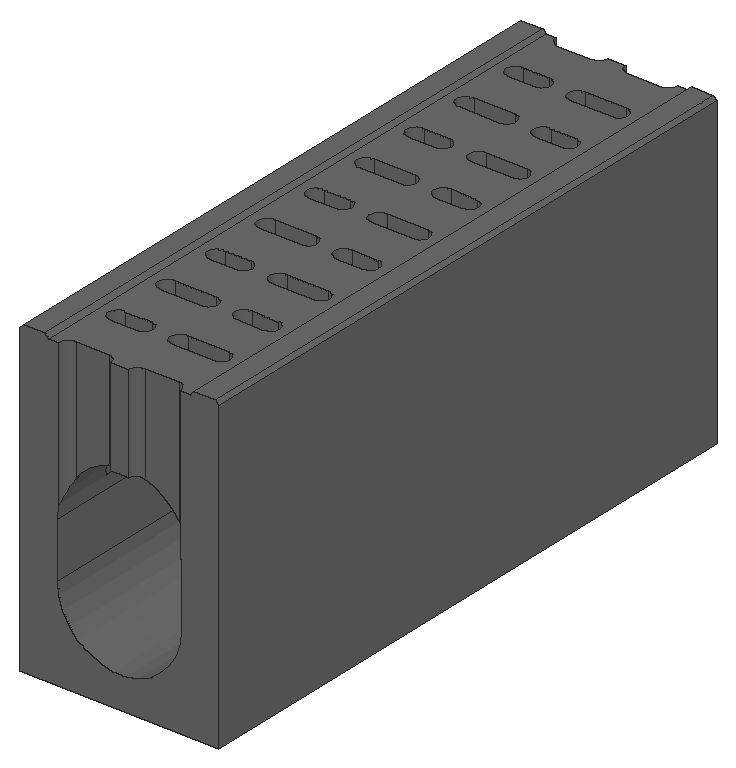
Revit family "Civil-Drainage-Channel-ACO-RoadDrain 100_Watermarked", category Generic Models, host Floor, Revit 2013 (continued)
Types (13, lengths in mm): name | Product Weight | Product Standard | Product Dimensions | Product Code | Load Class | Length | Invert Depth | Installation - Concrete Grade | Hydraulic Performance | Grating Recycled Material Content | Grating Recyclable | Grating Material | Grating Finish | Grating Colour | End Cap Recycled Material Content | End Cap Recyclable | End Cap Material | End Cap Colour | Custom Void Length | Type Comments | Manufacturer | Connection Pipe O.D | Connection Pipe Material | Connection Pipe Colour | Concrete Surround Volume - Load Class F 900 - Concrete Pavement | Channel Recycled Material Content | Channel Recyclable | Channel Material | Channel Colour | Channel C.S.A | Access Cover/Frame Recycled Material Content | Access Cover/Frame Recyclable | Access Cover/Frame Material | Access Cover/Frame Finish | Access Cover/Frame Colour | Void Depth | Total Depth | Straight Void Length | Inlet Outlet end cap_450 high | Inlet Outlet end cap_350 high | I/O End Cap Void | Grating 500mm | Channel 160mm Wide | Access unit | Invert Depth. | Closing End Cap | ACO Hydraulic Design Software | 32900 - Sump Unit
  32501 - PD100 F 50.1 Channel 500mm LG | "30.7 Kg" | "BE EN1433:2002, CE Marked, Kitemarked" | "500mm x 160mm x 450mm (LxWxH)" | "32501" | "A 15 - F 900" | 500.000 | "425mm" | "Refer to brochure" | "http://www.aco.co.uk/download.php?id=256" | "Between 40% - 90%" | "Fully recyclable" | "N/A" | "N/A" | "N/A" | "N/A" | "N/A" | "N/A" | "N/A" | 0.000 | "ACO RoadDrain 100 PD100F 50.1 Constant Depth Channel 500mm Long" | "ACO Technologies plc - ACO Water Management Division" | "N/A" | "N/A" | "N/A" | "0.30m³" | "20% minimum" | "Fully recyclable" | "Vienite® Synthetic Resin Concrete" | "Black" | "0.032m²" | "N/A" | "N/A" | "N/A" | "N/A" | "N/A" | -450.000 | 450.000 | 500.000 | no | no | 3450.000 | no | yes | no | 375.000 | no | "http://www.acodesign.co.uk" | no
  32103 - PD100 F 10.3 Rodding Access 500mm LG | "26.4 Kg" | "BE EN1433:2002, CE Marked, Kitemarked" | "500mm x 160mm x 250mm (LxWxH)" | "32103" | "A 15 - F 900" | 500.000 | "225mm" | "Refer to brochure" | "http://www.aco.co.uk/download.php?id=256" | "N/A" | "N/A" | "N/A" | "N/A" | "N/A" | "N/A" | "N/A" | "N/A" | "N/A" | 0.000 | "ACO RoadDrain 100 PD100F 10.3 Constant Depth Access Channel 500mm Long" | "ACO Technologies plc - ACO Water Management Division" | "N/A" | "N/A" | "N/A" | "0.22m³" | "20% minimum" | "Fully recyclable" | "Vienite® Synthetic Resin Concrete" | "Black" | "0.012m²" | "Between 40% - 90%" | "Fully recyclable" | "Ductile Iron" | "Water Based Paint Coating" | "Black" | -250.000 | 250.000 | 500.000 | no | no | 3000.000 | no | no | yes | 175.000 | no | "http://www.acodesign.co.uk" | no
  32303 - PD100 F 30.3 Rodding Access 500mm LG | "31.0 Kg" | "BE EN1433:2002, CE Marked, Kitemarked" | "500mm x 160mm x 350mm (LxWxH)" | "32303" | "A 15 - F 900" | 500.000 | "325mm" | "Refer to brochure" | "http://www.aco.co.uk/download.php?id=256" | "N/A" | "N/A" | "N/A" | "N/A" | "N/A" | "N/A" | "N/A" | "N/A" | "N/A" | 0.000 | "ACO RoadDrain 100 PD100F 30.3 Constant Depth Access Channel 500mm Long" | "ACO Technologies plc - ACO Water Management Division" | "N/A" | "N/A" | "N/A" | "0.26m³" | "20% minimum" | "Fully recyclable" | "Vienite® Synthetic Resin Concrete" | "Black" | "0.022m²" | "Between 40% - 90%" | "Fully recyclable" | "Ductile Iron" | "Water Based Paint Coating" | "Black" | -350.000 | 350.000 | 500.000 | no | no | 3500.000 | no | no | yes | 275.000 | no | "http://www.acodesign.co.uk" | no
  32503 - PD100 F 50.3 Rodding Access 500mm LG | "34.6 Kg" | "BE EN1433:2002, CE Marked, Kitemarked" | "500mm x 160mm x 450mm (LxWxH)" | "32503" | "A 15 - F 900" | 500.000 | "425mm" | "Refer to brochure" | "http://www.aco.co.uk/download.php?id=256" | "N/A" | "N/A" | "N/A" | "N/A" | "N/A" | "N/A" | "N/A" | "N/A" | "N/A" | 0.000 | "ACO RoadDrain 100 PD100F 50.3 Constant Depth Access Channel 500mm Long" | "ACO Technologies plc - ACO Water Management Division" | "N/A" | "N/A" | "N/A" | "0.30m³" | "20% minimum" | "Fully recyclable" | "Vienite® Synthetic Resin Concrete" | "Black" | "0.032m²" | "Between 40% - 90%" | "Fully recyclable" | "Ductile Iron" | "Water Based Paint Coating" | "Black" | -450.000 | 450.000 | 500.000 | no | no | 3260.000 | no | no | yes | 375.000 | no | "http://www.acodesign.co.uk" | no
  32506 - PD100 F 506 Closing endcap | "2.8 Kg" | "N/A" | "25mm x 160mm x 450mm (LxWxH)" | "32506" | "N/A" | 25.000 | "N/A" | "N/A" | "N/A" | "N/A" | "N/A" | "N/A" | "N/A" | "N/A" | "20% minimum" | "Fully recyclable" | "Vienite® Synthetic Resin Concrete" | "Black" | 475.000 | "ACO RoadDrain PD100 F 506 Closing End Cap" | "ACO Technologies plc - ACO Water Management Division" | "N/A" | "N/A" | "N/A" | "N/A" | "N/A" | "N/A" | "N/A" | "N/A" | "N/A" | "N/A" | "N/A" | "N/A" | "N/A" | "N/A" | -450.000 | 250.000 | 25.000 | no | no | 3650.000 | no | no | no | 175.000 | yes | "N/A" | no
  32308 - PD100 F 308 Inlet/outlet endcap | "2.2 Kg" | "N/A" | "25mm x 160mm x 350mm (LxWxH)" | "32308" | "N/A" | 25.000 | "N/A" | "N/A" | "N/A" | "N/A" | "N/A" | "N/A" | "N/A" | "N/A" | "20% minimum" | "Fully recyclable" | "Vienite® Synthetic Resin Concrete" | "Black" | 475.000 | "ACO RoadDrain PD100 F 308 Inlet/Outlet End Cap" | "ACO Technologies plc - ACO Water Management Division" | "Ø160mm" | "MDPE" | "Black" | "N/A" | "N/A" | "N/A" | "N/A" | "N/A" | "N/A" | "N/A" | "N/A" | "N/A" | "N/A" | "N/A" | -350.000 | 250.000 | 25.000 | no | yes | 128.041 | no | no | no | 175.000 | no | "N/A" | no
  32508 - PD100 F 508 Inlet/outlet endcap | "3.0 Kg" | "N/A" | "25mm x 160mm x 450mm (LxWxH)" | "32508" | "N/A" | 25.000 | "N/A" | "N/A" | "N/A" | "N/A" | "N/A" | "N/A" | "N/A" | "N/A" | "20% minimum" | "Fully recyclable" | "Vienite® Synthetic Resin Concrete" | "Black" | 475.000 | "ACO RoadDrain PD100 F 508 Inlet/Outlet End Cap" | "ACO Technologies plc - ACO Water Management Division" | "Ø160mm" | "MDPE" | "Black" | "N/A" | "N/A" | "N/A" | "N/A" | "N/A" | "N/A" | "N/A" | "N/A" | "N/A" | "N/A" | "N/A" | -450.000 | 250.000 | 25.000 | yes | no | 228.000 | no | no | no | 175.000 | no | "N/A" | no
  32900 - PD900 F Sump Unit - 500mm LG | "43.6 Kg" | "BE EN1433:2002, CE Marked, Kitemarked" | "500mm x 160mm x 665mm (LxWxH)" | "32900" | "A 15 - F 900" | 500.000 | "640mm" | "Refer to brochure" | "http://www.aco.co.uk/download.php?id=256" | "Between 40% - 90%" | "Fully Recyclable" | "Ductile Iron" | "Water based paint coating" | "Black" | "N/A" | "N/A" | "N/A" | "N/A" | 0.000 | "ACO RoadDrain PD900F Sump Unit 500mm Long" | "ACO Technologies plc - ACO Water Management Division" | "N/A" | "N/A" | "N/A" | "N/A" | "20% minimum" | "Fully recyclable" | "Vienite® Synthetic Resin Concrete" | "Black" | "N/A" | "Between 40% - 90%" | "Fully recyclable\r\nFully recyclable" | "N/A" | "N/A" | "N/A" | -665.000 | 250.000 | 500.000 | no | no | 5000.000 | yes | no | no | 175.000 | no | "http://www.acodesign.co.uk" | yes
